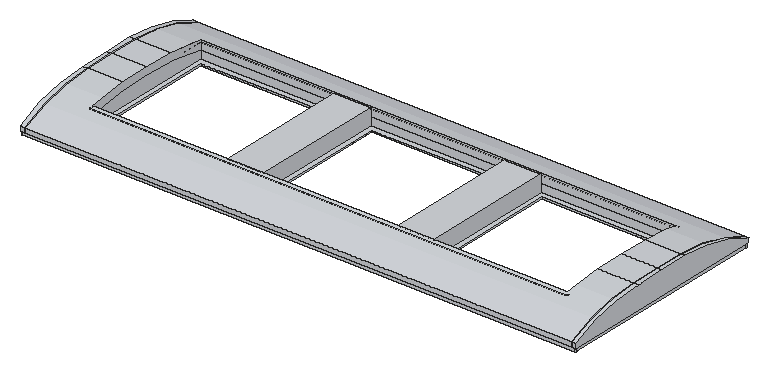
Revit family "Gira_0213778", category Electrical Fixtures, host Face, Revit 2017
Family settings
  Host = Face
  Maintain Annotation Orientation = No
  Round Connector Dimension = Use Diameter
  Part Type = Normal
  Cut with Voids When Loaded = No
  Shared = No
  Room Calculation Point = No
Parameters (values of type "Cov.fr. 3-g interm.fr. AN Gira Event Clear sand")
  With mounting grid = "No"
  With hinged lid = "No"
  URL = "http://katalog.gira.de/en/datenblatt.html?artikelnr=0213778"
  Type of fastening = "Clamp mounting"
  Transparent = "No"
  Surface protection = "Other"
  Surface finishing = "Glossy"
  Suitable for wall duct = "No"
  Suitable for flush-mounted installation = "Yes"
  Suitable for floor box = "No"
  Suitable for built-in installation = "No"
  Number of units vertical = "3"
  Number of units horizontal = "3"
  Number of units = "3"
  Name = "Cov.fr. 3-g interm.fr. AN Gira Event Clear sand"
  Mounting direction = "Horizontal and vertical"
  Material quality = "Thermoplastic"
  Material = "Plastic"
  Manufacturer URL = "https://www.gira.de/"
  Manufacturer = "Gira"
  Label space/information surface = "No"
  Keynote = ""
  HeinzeBIM = "https://bimportal.heinze.de/bim/cov-fr-3-g-interm-fr-an-gira-event-clear-sand/d3de0167205d52bb6ff7e7672f93d404f199d0d8"
  Halogen free = "Yes"
  HAN = "0213778"
  GTIN = "4010337069935"
  Description = "Cov.fr.3g i.fr.AN EvCl SD,Gira Event Clear cover frame,sand with anthracite intermediate frame,3-gang,Features:,- Shatter-proof."
  Degree of protection (IP) = "IP20"
  Default Elevation = 1219.2 mm
  Data sheet (1) = "https://katalog.gira.de/en/download.html?artikelnr=0213778"
  Colour = "Other"
  Category = "Cover frame for domestic switching devices"
  BIM (1) = "https://media.stage.bim.site/public/gira/36a6b08/Event_Rahmen_3fach.rfa"
  Available = "No"
Reference planes
  plane 1 "Center (Front/Back)": y = 0
  plane 2: z = 0
  plane 3 "Center (Left/Right)": x = 0
Forms (mm)
  Extrusion 1, solid, detail levels fine
    sketch origin (0, 0, 0.05) x (0, 1, 0) y (0, 0, 1)
      loop
        arc (12.445, 9.683) -> (6.223, 9.833) -> (0, 9.85) r 291.636
        arc (0, 9.85) -> (-6.223, 9.833) -> (-12.445, 9.683) r 291.636
        arc (-12.445, 9.683) -> (-29.14, 7.482) -> (-45, 1.823) r 79.728
        line (-45, 1.823) -> (-45, -0.05) -> (-42.086, -0.05)
        arc (-42.086, -0.05) -> (-21.385, 5.559) -> (0, 7.206) r 114.424
        arc (0, 7.206) -> (21.385, 5.559) -> (42.086, -0.05) r 114.424
        line (42.086, -0.05) -> (45, -0.05) -> (45, 1.823)
        arc (45, 1.823) -> (29.14, 7.482) -> (12.445, 9.683) r 79.728
    from -114.3 to 114.3
  Extrusion 2, void, detail levels fine
    sketch origin (0, 0, 0) x (1, 0, 0) y (0, 1, 0)
      loop
        line (-99.355, -28.053) -> (99.355, -28.053) -> (99.355, 28.053) -> (-99.355, 28.053) -> (-99.355, -28.053)
    from 0.724 to 11
  Extrusion 3, solid, detail levels coarse
    sketch origin (0, 0, 0) x (1, 0, 0) y (0, 1, 0)
      loop
        line (-116.3, 45) -> (-116.3, -45) -> (116.3, -45) -> (116.3, 45) -> (-116.3, 45)
    from -1.5 to 9.9
  Extrusion 4, solid, detail levels medium
    sketch origin (0, 0, 0.05) x (0, 1, 0) y (0, 0, 1)
      loop
        arc (12.445, 9.683) -> (6.223, 9.833) -> (0, 9.85) r 291.636
        arc (0, 9.85) -> (-6.223, 9.833) -> (-12.445, 9.683) r 291.636
        arc (-12.445, 9.683) -> (-29.14, 7.482) -> (-45, 1.823) r 79.728
        line (-45, 1.823) -> (-45, -0.05) -> (45, -0.05) -> (45, 1.823)
        arc (45, 1.823) -> (29.14, 7.482) -> (12.445, 9.683) r 79.728
    from -116.3 to 116.3
  Extrusion 5, solid, detail levels fine
    sketch origin (-71.3, 0, -1.5) x (0, 1, 0) y (0, 0, -1)
      loop
        line (45, -3.373) -> (45, -1.5) -> (-45, -1.5) -> (-45, -3.373)
        arc (-45, -3.373) -> (-29.14, -9.032) -> (-12.445, -11.233) r 79.728
        arc (-12.445, -11.233) -> (-6.223, -11.383) -> (0, -11.4) r 291.636
        arc (0, -11.4) -> (6.223, -11.383) -> (12.445, -11.233) r 291.636
        arc (12.445, -11.233) -> (29.14, -9.032) -> (45, -3.373) r 79.728
    from 43 to 45
  Extrusion 6, solid, detail levels fine
    sketch origin (0, 0, 0) x (1, 0, 0) y (0, 1, 0)
      loop
        line (-97.195, 25.7) -> (-97.195, -25.7) -> (-45.395, -25.7) -> (-45.395, 25.7) -> (-97.195, 25.7)
      loop
        line (25.9, -25.7) -> (25.9, 25.7) -> (-25.9, 25.7) -> (-25.9, -25.7) -> (25.9, -25.7)
      loop
        line (-100.19, 28.49) -> (-100.19, -28.495)
        spline (-100.19, -28.495) -> (-100.181, -28.625) -> (-100.156, -28.754) -> (-100.113, -28.878) -> (-100.056, -28.995) -> (-99.983, -29.104) -> (-99.897, -29.202) -> (-99.798, -29.288) -> (-99.69, -29.361) -> (-99.572, -29.419) -> (-99.448, -29.461) -> (-99.32, -29.486) -> (-99.19, -29.495)
        line (-99.19, -29.495) -> (99.195, -29.495)
        spline (99.195, -29.495) -> (99.325, -29.486) -> (99.454, -29.461) -> (99.578, -29.419) -> (99.695, -29.361) -> (99.804, -29.288) -> (99.902, -29.202) -> (99.988, -29.104) -> (100.061, -28.995) -> (100.119, -28.878) -> (100.161, -28.754) -> (100.186, -28.625) -> (100.195, -28.495)
        line (100.195, -28.495) -> (100.195, 28.49)
        spline (100.195, 28.49) -> (100.186, 28.62) -> (100.161, 28.748) -> (100.119, 28.872) -> (100.061, 28.99) -> (99.988, 29.098) -> (99.902, 29.197) -> (99.804, 29.283) -> (99.695, 29.356) -> (99.578, 29.413) -> (99.454, 29.456) -> (99.325, 29.481) -> (99.195, 29.49)
        line (99.195, 29.49) -> (-99.19, 29.49)
        spline (-99.19, 29.49) -> (-99.32, 29.481) -> (-99.448, 29.456) -> (-99.572, 29.413) -> (-99.69, 29.356) -> (-99.798, 29.283) -> (-99.897, 29.197) -> (-99.983, 29.098) -> (-100.056, 28.99) -> (-100.113, 28.872) -> (-100.156, 28.748) -> (-100.181, 28.62) -> (-100.19, 28.49)
      loop
        line (97.2, -25.7) -> (97.2, 25.7) -> (45.4, 25.7) -> (45.4, -25.7) -> (97.2, -25.7)
    from 0.1 to 7.3
  Extrusion 7, solid
    sketch origin (0, 0, 0) x (1, 0, 0) y (0, 1, 0)
      loop
        arc (-116, -44.2) -> (-115.854, -44.554) -> (-115.5, -44.7) r 0.5
        line (-115.5, -44.7) -> (115.5, -44.7)
        arc (115.5, -44.7) -> (115.854, -44.554) -> (116, -44.2) r 0.5
        line (116, -44.2) -> (116, 44.2)
        arc (116, 44.2) -> (115.854, 44.554) -> (115.5, 44.7) r 0.5
        line (115.5, 44.7) -> (-115.5, 44.7)
        arc (-115.5, 44.7) -> (-115.854, 44.554) -> (-116, 44.2) r 0.5
        line (-116, 44.2) -> (-116, -44.2)
      loop
        line (-114.3, 43) -> (-114.3, -43) -> (114.3, -43) -> (114.3, 43) -> (-114.3, 43)
    from -1.5 to 0.5
  Extrusion 8, solid, detail levels fine
    sketch origin (71.3, 0, -1.5) x (0, 1, 0) y (0, 0, 1)
      loop
        arc (45, 3.373) -> (29.14, 9.032) -> (12.445, 11.233) r 79.728
        arc (12.445, 11.233) -> (6.223, 11.383) -> (0, 11.4) r 291.636
        arc (0, 11.4) -> (-6.223, 11.383) -> (-12.445, 11.233) r 291.636
        arc (-12.445, 11.233) -> (-29.14, 9.032) -> (-45, 3.373) r 79.728
        line (-45, 3.373) -> (-45, 1.5) -> (45, 1.5) -> (45, 3.373)
    from 43 to 45
  Extrusion 9, solid, detail levels medium
    sketch origin (0, 0, 0) x (1, 0, 0) y (0, 1, 0)
      loop
        line (-116, -44.7) -> (116, -44.7) -> (116, 44.7) -> (-116, 44.7) -> (-116, -44.7)
    from -1.5 to 0.5
  Extrusion 10, solid, detail levels fine
    sketch origin (-34.207, 0, 0) x (1, 0, 0) y (0, 1, 0)
      loop
        line (-8.943, 28.063) -> (-8.943, -27.937) -> (6.057, -27.937) -> (6.057, 28.063) -> (-8.943, 28.063)
    from 0.724 to 7.566
  Extrusion 11, solid, detail levels fine
    sketch origin (34.207, 0, 0) x (-1, 0, 0) y (0, -1, 0)
      loop
        line (-8.943, -28.063) -> (6.057, -28.063) -> (6.057, 27.937) -> (-8.943, 27.937) -> (-8.943, -28.063)
    from 0.724 to 7.566
Cuts and joins
  Extrusion 2 cuts Extrusion 1
  Extrusion 2 cuts Extrusion 6
Dimensions and locks
  aligned and locked: plane 2 to host face
  aligned and locked: level to host face
